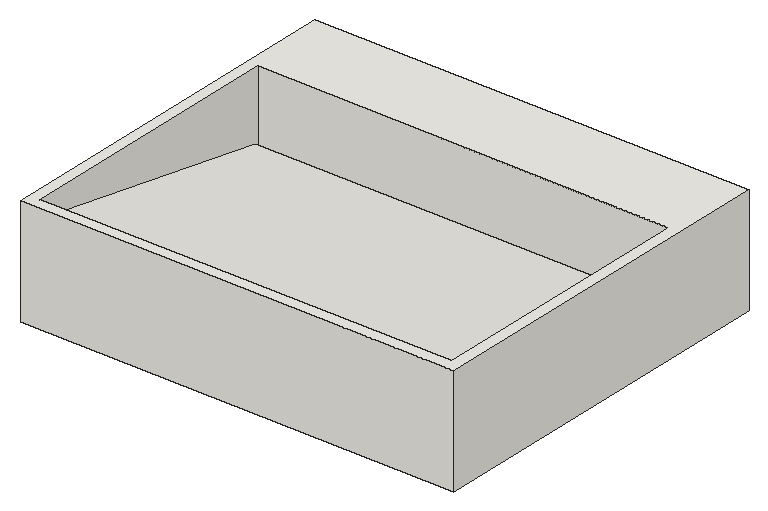
Revit family "TSL_US - TSLNANO - The Nano Sink", category Plumbing Fixtures, Revit 2021
Family settings
  Round Connector Dimension = Use Diameter
  Part Type = Normal
  Work Plane-Based = No
  Always vertical = Yes
  Cut with Voids When Loaded = No
  Shared = No
  Room Calculation Point = No
Parameters (values of type "TSL.NANO - White")
  URL = "https://thesplashlab.com/usa/product/the-nano-sink/"
  Type Image = <None>
  Type Comments = "THE NANO SINK"
  TSL Width = 1' - 8"  # constant formula
  TSL Show Faucet Location [instance] = yes
  TSL Mounting Height [instance] = 2' - 10"
  TSL Material 02 = TSL - Material - Stainless Steel
  TSL Material 01 = TSL - Material - Glacier White
  TSL Height = 0' - 5"  # constant formula
  TSL Depth = 1' - 5"  # constant formula
  TSL Connector Diameter = 0' - 1 1/4"
  Show P Trap [instance] = yes
  Mounting Height for Drain [instance] = TSL Mounting Height - 0' 0" - 0' 4 31/128"  # 2' - 5 97/128"
  Model = "TSL.NANO.WH"
  Manufacturer = "The Splash Lab"
  Keynote = "22 40 00.A7"
  Description = "A 20” wide compact wash basin constructed in solid surface with concealed waste and 1 1/4” waste connection. Includes steel supporting wall bracket."
  Default Elevation = 0' - 0"
  Assembly Code = "D2010400"
Reference planes (in)
  plane 1 "Center (Front/Back)": y = 0
  plane 2: z = 0
  plane 3 "Center (Left/Right)": x = 0
  plane 4: z = 34
  plane 5: x = -10
  plane 6: x = 10
  plane 7: y = -17
  plane 8: y = -3.94
  plane 9: y = -1.97
  plane 10: z = 29
  plane 11: z = 33.5
  plane 12: x = -9.5
  plane 13: y = -16.5
  plane 14: x = 9.5
  plane 15: y = -3.44
  plane 16: z = 30.00268
  plane 17: y = -4.10406
  plane 18: y = -4.02203
  plane 19: x = -9.125
  plane 20: x = 9.125
  plane 21: z = 31.00268
  plane 22: y = -16.375
  plane 23: z = 30.84247
Dimensions and locks (in)
  "TSL Mounting Height": plane 4 to plane 2
  equal spacing: plane 5, plane 3 "Center (Left/Right)", plane 6
  "TSL Width": plane 5 to plane 6
  "TSL Depth": plane 7 to plane 1 "Center (Front/Back)"
  locked: plane 8 to plane 1 "Center (Front/Back)" at 3.94
  locked: plane 9 to plane 1 "Center (Front/Back)" at 1.97
  "TSL Height": plane 4 to plane 10
  locked: plane 4 to plane 11 at 0.5
  locked: plane 7 to plane 13 at 0.5
  locked: plane 5 to plane 12 at 0.5
  locked: plane 14 to plane 6 at 0.5
  locked: plane 8 to plane 15 at 0.5
  locked: plane 10 to plane 16 at 1.00268
  locked: plane 17 to plane 8 at 0.16406
  locked: plane 5 to plane 19 at 0.875
  locked: plane 20 to plane 6 at 0.875
  equal spacing: plane 8, plane 18, plane 17
  locked: plane 13 to plane 22 at 0.125
  locked: plane 16 to plane 21 at 1
  locked: plane 4 to plane 23 at 3.15753
  aligned and locked: level to plane 2
  aligned and locked: plane 3 "Center (Left/Right)" to nested 1
  aligned and locked: plane 1 "Center (Front/Back)" to nested 1
Nested families (in)
  nested 1: "TSL_US - TSLNANO - The Nano Sink - Nest - Shared" at (0, 0, 0), TSL Show Faucet Location <- "TSL Show Faucet Location", TSL Mounting Height <- "TSL Mounting Height", TSL Material 02 <- "TSL Material 02", TSL Material 01 <- "TSL Material 01", TSL Connector Diameter <- "TSL Connector Diameter", Show P Trap <- "Show P Trap", TSL Width <- "TSL Width", TSL Height <- "TSL Height", TSL Depth <- "TSL Depth", type "Default"
    with TSL Width 1' - 8", TSL Show Soap Dispenser Location no, TSL Show Faucet Location yes, TSL Show Air Dryer Location no, TSL Mounting Height 2' - 10", TSL Material 02 TSL - Material - Stainless Steel, TSL Material 01 TSL - Material - Glacier White, TSL Height 0' - 5", TSL Depth 1' - 5", TSL Connector Diameter 0' - 1 1/4", Show P Trap yes, Mounting Height for Drain 2' - 5 97/128"
  nested 2: "TSL_US - TSLDRAIN - Drain - Nest" at (0, -4.02203, 0), type "Default"
    with TSL Connector Diameter 0' - 1 1/4", Pipe Radius 0' - 0 5/8", Mounting Height 2' - 5 97/128"
  nested 3: "TSL_US - TSLDRAIN - Trap - Straight - Nest" at (0, -4.02203, 0), type "Default"
    with TSL Connector Diameter 0' - 1 1/4", Pipe Radius 0' - 0 5/8", Mounting Height 2' - 5 97/128"
Definition of nested family "TSL_US - TSLNANO - The Nano Sink - Nest - Shared"
  Parameters (values of type "Default")
    URL = ""
    Type Image = (empty or 0)
    Type Comments = ""
    TSL Width [instance] = 2' - 6"
    TSL Show Soap Dispenser Location [instance] = yes
    TSL Show Faucet Location [instance] = yes
    TSL Show Air Dryer Location [instance] = yes
    TSL Mounting Height [instance] = 2' - 10"
    TSL Material 02 [instance] = none
    TSL Material 01 [instance] = none
    TSL Height [instance] = 0' - 5"
    TSL Depth [instance] = 1' - 8"
    TSL Connector Diameter [instance] = 0' - 1 1/4"
    Show P Trap [instance] = yes
    Mounting Height for Drain [instance] = TSL Mounting Height - 0' 0" - 0' 4 31/128"  # 2' - 5 97/128"
    Model = ""
    Manufacturer = ""
    Description = ""
    Default Elevation = 0' - 0"
  Reference planes (in)
    plane 1 "Center (Front/Back)": y = 0
    plane 2: z = 0
    plane 3 "Center (Left/Right)": x = 0
    plane 4: z = 34
    plane 5: x = -15
    plane 6: x = 15
    plane 7: y = -20
    plane 8: y = -3.94
    plane 9: y = -1.97
    plane 10: z = 29
    plane 11: z = 33.5
    plane 12: x = -14.5
    plane 13: y = -19.5
    plane 14: x = 14.5
    plane 15: y = -3.44
    plane 16: z = 30.00268
    plane 17: y = -4.10406
    plane 18: y = -4.02203
    plane 19: x = -14.125
    plane 20: x = 14.125
    plane 21: z = 30.84247
    plane 22: z = 30.36162
    plane 23: z = 33.20125
    plane 24: z = 32.69554
    plane 25: y = -4.10406
    plane 26: z = 30.53589
    plane 27: y = -5.25365
    plane 28: z = 29.75609
    plane 29: y = -2.61154
    plane 30: z = 30.13537
    plane 31: z = 31.00268
    plane 32: y = -19.375
    plane 33: z = 30.84247
  Forms (in)
    Extrusion 1, solid, material <- "TSL Material 01"
      sketch origin (0, 0, 0) x (1, 0, 0) y (0, 1, 0)
        loop
          line (-15, 0) -> (-15, -20) -> (15, -20) -> (15, 0) -> (-15, 0)
        loop
          line (-14.5, -3.94) -> (-14.5, -19.5) -> (14.5, -19.5) -> (14.5, -3.94) -> (-14.5, -3.94)
      from 33.5 to 34
    Extrusion 2, solid, material <- "TSL Material 01"
      sketch origin (0, 0, 0) x (1, 0, 0) y (0, 1, 0)
        loop
          line (-15, 0) -> (-15, -20) -> (15, -20) -> (15, 0) -> (14.5, 0) -> (14.5, -19.5) -> (-14.5, -19.5) -> (-14.5, 0) -> (-15, 0)
      from 29 to 33.5
    Extrusion 3, solid, material <- "TSL Material 01"
      sketch origin (0, 0, 0) x (0, 1, 0) y (0, 0, 1)
        loop
          line (-19.5, 32.69554) -> (-4.10406, 30.36162) -> (-3.44, 30.36162) -> (-3.44, 33.5) -> (-3.94, 33.5) -> (-3.94, 30.84247) -> (-19.5, 33.20125) -> (-19.5, 32.69554)
      from -14.5 to 14.5
    Extrusion 4, solid, material <- "TSL Material 01"
      sketch origin (0, 0, 0) x (0, 1, 0) y (0, 0, 1)
        loop
          line (-5.25365, 30.53589) -> (-5.25365, 29.75609) -> (-2.61154, 29.75609) -> (-2.61154, 30.13537) -> (-5.25365, 30.53589)
      from -14.5 to 14.5
    Extrusion 5, void
      sketch origin (0, 0, 0) x (0, 1, 0) y (0, 0, 1)
        loop
          line (-4.10406, 34) -> (-4.10406, 30.00268) -> (-3.94, 30.00268) -> (-3.94, 34) -> (-4.10406, 34)
      from -14.5 to 14.5
    Extrusion 6, solid, material <- "TSL Material 02"
      sketch origin (0, 0, 0) x (0, 1, 0) y (0, 0, 1)
        loop
          line (-19.5, 31.00268) -> (-19.5, 30.00268) -> (-19.375, 30.00268) -> (-19.375, 31.00268) -> (-19.5, 31.00268)
      from -14.5 to 14.5
  Cuts and joins
    Extrusion 5 cuts Extrusion 3
    joined: Extrusion 1, Extrusion 2, Extrusion 3
    Extrusion 5 cuts Extrusion 4
  Lines and regions (in)
    symbolic lines
      curve 1: line (-14.5, 0, 34) -> (-14.5, 0, 30.84247)
      curve 2: line (-14.5, 0, 30.84247) -> (14.5, 0, 30.84247)
      curve 3: line (14.5, 0, 30.84247) -> (14.5, 0, 34)
      curve 4: line (0, -19.5, 34) -> (0, -19.5, 33.20125)
      curve 5: line (0, -19.5, 33.20125) -> (0, -3.94, 30.84247)
      curve 6: line (0, -3.94, 30.84247) -> (0, -3.94, 34)
  Dimensions and locks (in)
    "TSL Mounting Height": plane 4 to plane 2
    equal spacing: plane 5, plane 3 "Center (Left/Right)", plane 6
    "TSL Width": plane 5 to plane 6
    "TSL Depth": plane 7 to plane 1 "Center (Front/Back)"
    locked: plane 8 to plane 1 "Center (Front/Back)" at 3.94
    locked: plane 9 to plane 1 "Center (Front/Back)" at 1.97
    "TSL Height": plane 4 to plane 10
    locked: plane 4 to plane 11 at 0.5
    locked: plane 7 to plane 13 at 0.5
    locked: plane 5 to plane 12 at 0.5
    locked: plane 14 to plane 6 at 0.5
    locked: plane 8 to plane 15 at 0.5
    locked: plane 10 to plane 16 at 1.00268
    locked: plane 17 to plane 8 at 0.16406
    locked: plane 5 to plane 19 at 0.875
    locked: plane 20 to plane 6 at 0.875
    locked: plane 4 to plane 21 at 3.15753
    locked: plane 21 to plane 22 at 0.48084
    locked: plane 4 to plane 23 at 0.79875
    locked: plane 24 to plane 23 at 0.50571
    locked: plane 25 to plane 1 "Center (Front/Back)" at 4.10406
    locked: plane 29 to plane 1 "Center (Front/Back)" at 2.61154
    locked: plane 27 to plane 1 "Center (Front/Back)" at 5.25365
    locked: plane 4 to plane 26 at 3.46411
    locked: plane 28 to plane 26 at 0.7798
    locked: plane 4 to plane 30 at 3.86463
    equal spacing: plane 8, plane 18, plane 17
    locked: plane 13 to plane 32 at 0.125
    locked: plane 16 to plane 31 at 1
    locked: plane 4 to plane 33 at 3.15753
    aligned and locked: level to plane 2
    aligned and locked: plane 1 "Center (Front/Back)" to Extrusion 1 sketch curve
    aligned and locked: plane 5 to Extrusion 1 sketch curve
    aligned and locked: Extrusion 1 sketch curve to plane 7
    aligned and locked: plane 6 to Extrusion 1 sketch curve
    aligned and locked: plane 8 to Extrusion 1 sketch curve
    aligned and locked: plane 4 to Extrusion 1
    aligned and locked: plane 11 to Extrusion 1
    aligned and locked: Extrusion 2 sketch curve to plane 12
    aligned and locked: Extrusion 2 sketch curve to plane 13
    aligned and locked: Extrusion 2 sketch curve to plane 14
    aligned and locked: plane 1 "Center (Front/Back)" to Extrusion 2 sketch curve  (x2)
    aligned and locked: plane 5 to Extrusion 2 sketch curve
    aligned and locked: plane 6 to Extrusion 2 sketch curve
    aligned and locked: Extrusion 2 sketch curve to plane 7
    aligned and locked: Extrusion 2 to plane 11
    aligned and locked: plane 10 to Extrusion 2
    aligned and locked: Extrusion 3 sketch curve to plane 8
    aligned and locked: Extrusion 3 sketch curve to plane 15
    aligned and locked: Extrusion 3 sketch curve to plane 11
    aligned and locked: Extrusion 5 sketch curve to plane 16
    aligned and locked: Extrusion 5 sketch curve to plane 4
    aligned and locked: plane 17 to Extrusion 5 sketch curve
    aligned and locked: plane 8 to Extrusion 5 sketch curve
    aligned and locked: cut or joined group of Extrusion 4, Extrusion 5 to plane 12
    aligned and locked: plane 14 to cut or joined group of Extrusion 4, Extrusion 5
    aligned and locked: plane 12 to Extrusion 1 sketch curve
    aligned and locked: Extrusion 1 sketch curve to plane 14
    aligned and locked: plane 3 "Center (Left/Right)" to nested 2
    aligned and locked: plane 3 "Center (Left/Right)" to nested 1
    aligned and locked: nested 1 to plane 18
    aligned and locked: plane 9 to nested 2
    aligned and locked: nested 3 to plane 19
    aligned and locked: nested 4 to plane 20
    aligned and locked: plane 1 "Center (Front/Back)" to nested 4
    aligned and locked: plane 1 "Center (Front/Back)" to nested 3
    aligned and locked: plane 13 to Extrusion 1 sketch curve
    aligned and locked: plane 13 to Extrusion 3 sketch curve
    aligned and locked: plane 21 to Extrusion 3 sketch curve
    aligned and locked: Extrusion 3 sketch curve to plane 22
    aligned and locked: plane 23 to Extrusion 3 sketch curve
    aligned and locked: plane 24 to Extrusion 3 sketch curve
    aligned and locked: plane 25 to Extrusion 3 sketch curve
    aligned and locked: Extrusion 4 sketch curve to plane 27
    aligned and locked: plane 26 to Extrusion 4 sketch curve
    aligned and locked: Extrusion 4 sketch curve to plane 28
    aligned and locked: Extrusion 4 sketch curve to plane 29
    aligned and locked: plane 30 to Extrusion 4 sketch curve
    aligned and locked: Extrusion 6 sketch curve to plane 16
    aligned and locked: Extrusion 6 sketch curve to plane 31
    aligned and locked: plane 13 to Extrusion 6 sketch curve
    aligned and locked: Extrusion 6 sketch curve to plane 32
    aligned and locked: Extrusion 6 to plane 12
    aligned and locked: plane 14 to Extrusion 6
    aligned and locked: cut or joined group of Extrusion 1, Extrusion 2, Extrusion 3, Extrusion 5 to plane 12
    aligned and locked: plane 14 to cut or joined group of Extrusion 1, Extrusion 2, Extrusion 3, Extrusion 5
    aligned and locked: plane 3 "Center (Left/Right)" to nested 5
    aligned and locked: plane 9 to nested 5
    aligned and locked: plane 3 "Center (Left/Right)" to nested 6
    aligned and locked: plane 9 to nested 6
    aligned and locked: plane 14 to curve 3
    aligned and locked: curve 1 to plane 12
    aligned and locked: plane 33 to curve 2
    aligned and locked: curve 4 to plane 13
    aligned and locked: curve 6 to plane 8
  Automatic sketch dimensions
    curve 3 to plane 4 = 0' - 0"
    curve 1 to plane 4 = 0' - 0"
    plane 33 to curve 5 = 0' - 0"
    curve 6 to plane 4 = 0' - 0"
    curve 4 to plane 4 = 0' - 0"
    plane 11 to curve 5 = 0' - 0.29875"
  Nested families (in)
    nested 1: "TSL_US - TSLDRAIN - Drain - Nest" at (0, -4.02203, 0), Mounting Height <- "Mounting Height for Drain", TSL Connector Diameter <- "TSL Connector Diameter", type "Default"
      with TSL Connector Diameter 0' - 1 1/4", Pipe Radius 0' - 0 5/8", Mounting Height 2' - 5 97/128"
    nested 2: "TSL - TSLNANOR - The Ribbon Sink - Faucet Hole - Nest" at (0, -1.97, 0), visible <- "TSL Show Faucet Location", type "Default"
    nested 3: "TSL - TSLNANOR - The Ribbon Sink - Support - Nest" at (-14.125, 0, 0), Mounting Height <- "TSL Mounting Height", type "Default"
      with Mounting Height 2' - 10"
    nested 4: "TSL - TSLNANOR - The Ribbon Sink - Support - Nest" at (14.125, 0, 0), Mounting Height <- "TSL Mounting Height", type "Default"
      with Mounting Height 2' - 10"
    nested 5: "TSL - TSLNANOR - The Ribbon Sink - Soap Dispenser Hole - Nest" at (0, -1.97, 0), visible <- "TSL Show Soap Dispenser Location", type "Default"
    nested 6: "TSL - TSLNANOR - The Ribbon Sink - Air Dryer Hole - Nest" at (0, -1.97, 0), visible <- "TSL Show Air Dryer Location", type "Default"
    nested 7: "TSL_US - TSLDRAIN - Trap - Straight - Nest" at (0, -4.02203, 0), Mounting Height <- "Mounting Height for Drain", TSL Connector Diameter <- "TSL Connector Diameter", visible <- "Show P Trap", type "Default"
      with TSL Connector Diameter 0' - 1 1/4", Pipe Radius 0' - 0 5/8", Mounting Height 2' - 5 97/128"
  Definition of nested family "TSL_US - TSLDRAIN - Drain - Nest"
    Parameters (values of type "Default")
      URL = ""
      Type Image = (empty or 0)
      Type Comments = ""
      TSL Material 03 = none
      TSL Material 02 = none
      TSL Connector Diameter [instance] = 0' - 1 1/4"
      Pipe Radius [instance] = TSL Connector Diameter / 2  # 0' - 0 5/8"
      Mounting Height [instance] = 2' - 10"
      Model = ""
      Manufacturer = ""
      Description = ""
      Default Elevation = 0' - 0"
    Reference planes (in)
      plane 1 "Center (Front/Back)": y = 0
      plane 2: z = 0
      plane 3 "Center (Left/Right)": x = 0
      plane 4: z = 34
      plane 5: z = 33.52756
      plane 6: z = 33.31102
    Forms (in)
      Extrusion 1, solid, material <- "TSL Material 02"
        sketch origin (0, 0, 0) x (1, 0, 0) y (0, 1, 0)
          loop
            line (3.17171, 1.14173) -> (-3.1275, 1.14173)
            arc (-3.1275, 1.14173) -> (-3.9093, 0.79353) -> (-4.22986, 0) r 1.14244
            arc (-4.22986, 0) -> (-3.9093, -0.79353) -> (-3.1275, -1.14173) r 1.14244
            line (-3.1275, -1.14173) -> (3.17171, -1.14173)
            arc (3.17171, -1.14173) -> (3.95351, -0.79353) -> (4.27407, 0) r 1.14244
            arc (4.27407, 0) -> (3.95351, 0.79353) -> (3.17171, 1.14173) r 1.14244
        from 33.52756 to 34
      Extrusion 2, solid, material <- "TSL Material 02"
        sketch origin (0, 0, 0) x (1, 0, 0) y (0, 1, 0)
          loop
            arc (-2.34252, 1.12402) -> (-3.46457, 0.00197) -> (-2.34252, -1.12008) r 1.12205
            line (-2.34252, -1.12008) -> (2.34252, -1.12008)
            arc (2.34252, -1.12008) -> (3.46457, 0.00197) -> (2.34252, 1.12402) r 1.12205
            line (2.34252, 1.12402) -> (-2.34252, 1.12402)
        from 33.31102 to 33.52756
      Extrusion 3, solid, material <- "TSL Material 02"
        sketch origin (0, -4.02693, 37.59245) x (1, 0, 0) y (0, 0, 1)
          loop
            arc (-2.64868, -4.28143) -> (-2.6025, -4.3734) -> (-2.53187, -4.44825) r 0.35494
            arc (-2.53187, -4.44825) -> (-2.42036, -4.5351) -> (-2.29805, -4.60596) r 1.03504
            arc (-2.29805, -4.60596) -> (-2.10154, -4.70231) -> (-1.89986, -4.78731) r 3.83802
            line (-1.89986, -4.78731) -> (-1.36673, -4.99429)
            arc (-1.36673, -4.99429) -> (-1.11597, -5.10775) -> (-0.87907, -5.24786) r 2.52194
            arc (-0.87907, -5.24786) -> (-0.82943, -5.29051) -> (-0.79147, -5.34382) r 0.27091
            arc (-0.79147, -5.34382) -> (-0.78526, -5.36159) -> (-0.78501, -5.38042) r 0.05851
            line (-0.78501, -5.38042) -> (-0.78501, -5.42344) -> (0.78501, -5.42344) -> (0.78501, -5.38042)
            arc (0.78501, -5.38042) -> (0.78526, -5.36159) -> (0.79147, -5.34382) r 0.05851
            arc (0.79147, -5.34382) -> (0.82943, -5.29051) -> (0.87907, -5.24786) r 0.27091
            arc (0.87907, -5.24786) -> (1.11597, -5.10775) -> (1.36673, -4.99429) r 2.52194
            line (1.36673, -4.99429) -> (1.89986, -4.78731)
            arc (1.89986, -4.78731) -> (2.10154, -4.70231) -> (2.29805, -4.60596) r 3.83802
            arc (2.29805, -4.60596) -> (2.42036, -4.5351) -> (2.53187, -4.44825) r 1.03504
            arc (2.53187, -4.44825) -> (2.6025, -4.3734) -> (2.64868, -4.28143) r 0.35494
            line (2.64868, -4.28143) -> (-2.64868, -4.28143)
        from -4.35345 to -3.70437
      Extrusion 4, solid, material <- "TSL Material 02"
        sketch origin (0, 0, 0) x (1, 0, 0) y (0, 0, 1)
          loop
            arc (-3.33337, 33.31102) -> (-3.27209, 33.30124) -> (-3.21691, 33.27287) r 0.19685
            arc (-3.21691, 33.27287) -> (-2.52143, 32.89597) -> (-1.75011, 32.72047) r 2.90753
            line (-1.75011, 32.72047) -> (-1.70852, 32.71683)
            arc (-1.70852, 32.71683) -> (-1.59336, 32.69549) -> (-1.48439, 32.65257) r 0.61097
            line (-1.48439, 32.65257) -> (1.48439, 32.65257)
            arc (1.48439, 32.65257) -> (1.59336, 32.69549) -> (1.70852, 32.71683) r 0.61097
            line (1.70852, 32.71683) -> (1.75011, 32.72047)
            arc (1.75011, 32.72047) -> (2.52143, 32.89597) -> (3.21691, 33.27287) r 2.90753
            arc (3.21691, 33.27287) -> (3.27209, 33.30124) -> (3.33337, 33.31102) r 0.19685
            line (3.33337, 33.31102) -> (-3.33337, 33.31102)
        from -0.03631 to 0.0366
      Revolve 5, solid, material <- "TSL Material 02"
        sketch origin (0, 0, 0) x (0, 1, 0) y (0, 0, 1)
          loop
            arc (-0.7219, 32.12504) -> (-0.73742, 32.08681) -> (-0.77382, 32.06738) r 0.06058
            line (-0.77382, 32.06738) -> (0, 32.06738) -> (0, 32.8936) -> (-0.05442, 32.8936)
            arc (-0.05442, 32.8936) -> (-0.35689, 32.8083) -> (-0.57021, 32.57753) r 0.57888
            line (-0.57021, 32.57753) -> (-0.66745, 32.38668)
            arc (-0.66745, 32.38668) -> (-0.70563, 32.25814) -> (-0.7219, 32.12504) r 0.80316
          axis (0, 32.8936) -> (0, 32.06738)
        angle from 0 to 360
      Revolve 6, solid, material <- "TSL Material 02"
        sketch origin (0, 0, 0.07168) x (1, 0, 0) y (0, 0, 1)
          loop
            line (-0.95691, 31.95978) -> (-0.88151, 31.91628) -> (-0.95422, 31.87285) -> (-0.8788, 31.82934) -> (-0.9515, 31.78591) -> (-0.87608, 31.7424) -> (-0.94879, 31.69896) -> (-0.87336, 31.65545) -> (-0.94607, 31.61202) -> (-0.87065, 31.5685) -> (-0.94336, 31.52507) -> (-0.86784, 31.4815) -> (-0.94068, 31.43948) -> (0, 31.43948) -> (0, 31.9957) -> (-0.89709, 31.9957) -> (-0.95691, 31.95978)
          axis (0, 31.9957) -> (0, 31.43948)
        angle from 0 to 360
    Cuts and joins
      joined: Extrusion 1, Extrusion 2, Extrusion 3, Extrusion 4, Revolve 5, Revolve 6
    Lines and regions (in)
      symbolic lines
        curve 1: circle (0, 0, 0) r 0.75 normal (0, 0, 1)
      model lines
        curve 2: line (0, 0, 0) -> (0, 0, 48)
    Dimensions and locks (in)
      "Mounting Height": plane 4 to plane 2
      locked: plane 4 to plane 5 at 0.47244
      locked: plane 5 to plane 6 at 0.21654
      aligned and locked: level to plane 2
      aligned and locked: plane 4 to Extrusion 1
      aligned and locked: plane 5 to Extrusion 1
      aligned and locked: Extrusion 2 to plane 5
      aligned and locked: Extrusion 2 to plane 6
    Automatic sketch dimensions
      curve 2 to plane 3 "Center (Left/Right)" = 0' - 0"
      curve 2 to level = 0' - 0"
      plane 4 to curve 2 = 1' - 2"
      plane 1 "Center (Front/Back)" to curve 1 = 0' - 0"
      curve 1 to plane 3 "Center (Left/Right)" = 0' - 0"
      Extrusion 1 sketch curve to Extrusion 1 sketch curve = 0' - 0"  (x2)
      plane 1 "Center (Front/Back)" to Extrusion 1 sketch curve = 0' - 0"  (x2)
      Extrusion 2 sketch curve to plane 1 "Center (Front/Back)" = 0' - 0.00197"
      Extrusion 3 sketch curve to plane 6 = 0' - 0"
      plane 5 to Extrusion 3 sketch curve = 0' - 0.10492"  (x2)
      Extrusion 3 sketch curve to plane 6 = 0' - 0.50588"
      Extrusion 3 sketch curve to Extrusion 3 sketch curve = 0' - 0.41189"
      Extrusion 3 sketch curve to plane 4 = 0' - 0.08456"  (x2)
      Extrusion 3 sketch curve to Extrusion 3 sketch curve = 0' - 0.47017"
      Extrusion 3 sketch curve to plane 6 = 0' - 0.71285"  (x2)
      Extrusion 3 sketch curve to Extrusion 3 sketch curve = 0' - 0.53313"  (x2)
      Extrusion 3 sketch curve to Extrusion 3 sketch curve = 0' - 0.33722"  (x2)
      Extrusion 3 sketch curve to Extrusion 3 sketch curve = 0' - 0.18663"  (x2)
      Extrusion 3 sketch curve to Extrusion 3 sketch curve = 0' - 0.05786"  (x2)
      Extrusion 3 sketch curve to plane 3 "Center (Left/Right)" = 0' - 0.51082"
      plane 3 "Center (Left/Right)" to Extrusion 3 sketch curve = 0' - 0.51082"
      plane 3 "Center (Left/Right)" to Extrusion 3 sketch curve = 0' - 0.78501"
      Extrusion 3 sketch curve to Extrusion 3 sketch curve = 0' - 0.37747"  (x2)
      Extrusion 3 sketch curve to Extrusion 3 sketch curve = 0' - 0.00867"  (x2)
      Extrusion 3 sketch curve to Extrusion 3 sketch curve = 0' - 0.04303"
      Extrusion 3 sketch curve to Extrusion 3 sketch curve = 0' - 0.10141"  (x2)
      Extrusion 3 sketch curve to Extrusion 3 sketch curve = 0' - 1.8721"  (x2)
      Extrusion 3 sketch curve to Extrusion 3 sketch curve = 0' - 0.20698"
      plane 4 to Extrusion 3 sketch curve = 0' - 2.38299"
      Extrusion 3 sketch curve to Extrusion 3 sketch curve = 0' - 0"  (x3)
      Extrusion 3 sketch curve to Extrusion 3 sketch curve = 0' - 0.11681"
      Extrusion 3 sketch curve to plane 6 = 0' - 0.32453"
      Extrusion 4 sketch curve to plane 6 = 0' - 0"  (x2)
      plane 3 "Center (Left/Right)" to Extrusion 4 sketch curve = 0' - 3.33337"
      Extrusion 4 sketch curve to Extrusion 4 sketch curve = 0' - 0.22412"  (x2)
      Extrusion 4 sketch curve to Extrusion 4 sketch curve = 0' - 0.0416"  (x2)
      Extrusion 4 sketch curve to Extrusion 4 sketch curve = 0' - 0.27737"
      Extrusion 4 sketch curve to Extrusion 4 sketch curve = 0' - 0.05325"
      Extrusion 4 sketch curve to plane 6 = 0' - 0.19685"  (x2)
      Extrusion 4 sketch curve to plane 6 = 0' - 0.59055"  (x2)
      Extrusion 4 sketch curve to Extrusion 4 sketch curve = 0' - 0.00364"  (x2)
      Extrusion 4 sketch curve to Extrusion 4 sketch curve = 0' - 0.06427"
      plane 4 to Extrusion 4 sketch curve = 0' - 1.61694"  (x2)
      Revolve 5 sketch curve to plane 1 "Center (Front/Back)" = 0' - 0"  (x2)
      Revolve 5 sketch curve to Revolve 5 sketch curve = 0' - 0.09724"
      Revolve 5 sketch curve to Revolve 5 sketch curve = 0' - 0.10637"
      Revolve 5 sketch curve to Revolve 5 sketch curve = 0' - 0.00862"
      Revolve 5 sketch curve to plane 6 = 0' - 1.24364"
      Revolve 5 sketch curve to Revolve 5 sketch curve = 0' - 0.02712"
      Revolve 5 sketch curve to Revolve 5 sketch curve = 0' - 0.05996"
      Revolve 5 sketch curve to Revolve 5 sketch curve = 0' - 0.24734"
      Revolve 5 sketch curve to Revolve 5 sketch curve = 0' - 0.26164"
      Revolve 5 sketch curve to Revolve 5 sketch curve = 0' - 0.19084"
      Revolve 5 sketch curve to Revolve 5 sketch curve = 0' - 1.42433"
      plane 4 to Revolve 5 sketch curve = 0' - 0 1/2"
      Revolve 6 sketch curve to plane 3 "Center (Left/Right)" = 0' - 0"  (x2)
      Revolve 6 sketch curve to plane 3 "Center (Left/Right)" = 0' - 0.86784"
      Revolve 6 sketch curve to Revolve 6 sketch curve = 0' - 0.00281"
      Revolve 6 sketch curve to Revolve 6 sketch curve = 0' - 0.00272"  (x3)
      Revolve 6 sketch curve to Revolve 6 sketch curve = 0' - 0.00271"
      Revolve 6 sketch curve to Revolve 6 sketch curve = 0' - 0.01557"
      Revolve 6 sketch curve to Revolve 6 sketch curve = 0' - 0.07285"
      Revolve 6 sketch curve to Revolve 6 sketch curve = 0' - 0.07271"  (x5)
      Revolve 6 sketch curve to Revolve 6 sketch curve = 0' - 0.05983"
      Revolve 6 sketch curve to plane 6 = 0' - 1.79987"
      Revolve 6 sketch curve to Revolve 6 sketch curve = 0' - 0.04203"
      Revolve 6 sketch curve to Revolve 6 sketch curve = 0' - 0.0856"
      Revolve 6 sketch curve to Revolve 6 sketch curve = 0' - 0.04343"  (x5)
      Revolve 6 sketch curve to Revolve 6 sketch curve = 0' - 0.08694"  (x2)
      Revolve 6 sketch curve to Revolve 6 sketch curve = 0' - 0.08695"  (x2)
      Revolve 6 sketch curve to Revolve 6 sketch curve = 0' - 0.08693"
      Revolve 6 sketch curve to Revolve 6 sketch curve = 0' - 0.55623"
      Revolve 6 sketch curve to Revolve 6 sketch curve = 0' - 0.20252"
      Revolve 6 sketch curve to Revolve 6 sketch curve = 0' - 0.18143"
      plane 3 "Center (Left/Right)" to Extrusion 1 sketch curve = 0' - 3.13164"
      Extrusion 1 sketch curve to Extrusion 1 sketch curve = 0' - 0.04007"  (x3)
      plane 3 "Center (Left/Right)" to Extrusion 2 sketch curve = 0' - 2.34252"
      Extrusion 3 sketch curve to Extrusion 3 sketch curve = 0' - 0.45648"
      Extrusion 3 sketch curve to Extrusion 3 sketch curve = 0' - 1.24995"  (x2)
      Extrusion 3 sketch curve to Extrusion 3 sketch curve = 0' - 0.01369"
      Extrusion 3 sketch curve to Extrusion 3 sketch curve = 0' - 0.33693"  (x2)
      plane 3 "Center (Left/Right)" to Extrusion 4 sketch curve = 0' - 1 31/64"
      plane 3 "Center (Left/Right)" to Extrusion 4 sketch curve = 0' - 1.4967"
      Extrusion 4 sketch curve to Extrusion 4 sketch curve = 0' - 0"
      Extrusion 1 sketch curve to plane 3 "Center (Left/Right)" = 0' - 3.08743"
      Extrusion 2 sketch curve to plane 3 "Center (Left/Right)" = 0' - 2.34252"
      Extrusion 3 sketch curve to plane 3 "Center (Left/Right)" = 0' - 0.78501"
      Extrusion 4 sketch curve to plane 3 "Center (Left/Right)" = 0' - 1 31/64"
      Extrusion 4 sketch curve to plane 3 "Center (Left/Right)" = 0' - 1.4967"
      Extrusion 4 sketch curve to Extrusion 4 sketch curve = 0' - 1.58326"
      Revolve 5 sketch curve to plane 1 "Center (Front/Back)" = 0' - 0.08068"
      plane 1 "Center (Front/Back)" to Extrusion 1 sketch curve = 0' - 1.14173"
      plane 1 "Center (Front/Back)" to Extrusion 2 sketch curve = 0' - 1.12008"
      plane 1 "Center (Front/Back)" to Revolve 5 sketch curve = 0' - 0.05442"
      plane 1 "Center (Front/Back)" to Revolve 5 sketch curve = 0' - 0.57021"
      radius of curve 1 = 0' - 0 3/4"
  Definition of nested family "TSL - TSLNANOR - The Ribbon Sink - Support - Nest"
    Parameters (values of type "Default")
      URL = ""
      Type Image = (empty or 0)
      Type Comments = ""
      TSL Material 02 = none
      TSL Depth = 1' - 8"
      Mounting Height [instance] = 2' - 10"
      Model = ""
      Manufacturer = ""
      Description = ""
      Default Elevation = 0' - 0"
    Reference planes (in)
      plane 1 "Center (Front/Back)": y = 0
      plane 2: z = 0
      plane 3 "Center (Left/Right)": x = 0
      plane 4: z = 34
      plane 5: y = -20
      plane 6: y = -0.25
      plane 7: z = 30
      plane 8: z = 29
      plane 9: y = -19.5
      plane 10: x = -0.375
      plane 11: x = 0.375
      plane 12: y = -3.01032
      plane 13: z = 33.5
    Forms (in)
      Extrusion 1, solid, material <- "TSL Material 02"
        sketch origin (0, 0, 0) x (1, 0, 0) y (0, 0, 1)
          loop
            line (-0.375, 33.5) -> (-0.375, 29) -> (0.375, 29) -> (0.375, 33.5) -> (-0.375, 33.5)
        from 0 to 0.25
      Extrusion 2, solid, material <- "TSL Material 02"
        sketch origin (0, 0, 0) x (1, 0, 0) y (0, 1, 0)
          loop
            line (-0.375, -0.25) -> (-0.375, -19.5) -> (0.375, -19.5) -> (0.375, -0.25) -> (-0.375, -0.25)
        from 29 to 30
    Cuts and joins
      joined: Extrusion 1, Extrusion 2
    Lines and regions (in)
      symbolic lines
        curve 1: line (-0.375, 0, 0) -> (0.375, 0, 0)
        curve 2: line (-0.375, -0.25, 0) -> (-0.375, 0, 0)
        curve 3: line (0.375, -0.25, 0) -> (-0.375, -0.25, 0)
        curve 4: line (0.375, 0, 0) -> (0.375, -0.25, 0)
        curve 5: line (-0.375, -0.25, 0) -> (-0.375, -19.5, 0)
        curve 6: line (-0.375, -19.5, 0) -> (0.375, -19.5, 0)
        curve 7: line (0.375, -19.5, 0) -> (0.375, -0.25, 0)
      model lines
        curve 8: line (0, 0, 0) -> (0, 0, 48)
    Dimensions and locks (in)
      "Mounting Height": plane 4 to plane 2
      "TSL Depth": plane 5 to plane 1 "Center (Front/Back)"
      locked: plane 6 to plane 1 "Center (Front/Back)" at 0.25
      locked: plane 4 to plane 7 at 4
      locked: plane 8 to plane 7 at 1
      locked: plane 5 to plane 9 at 0.5
      equal spacing: plane 10, plane 3 "Center (Left/Right)", plane 11
      locked: plane 4 to plane 13 at 0.5
      locked: plane 10 to plane 11 at 0.75
      aligned and locked: level to plane 2
      aligned and locked: Extrusion 2 sketch curve to plane 9
      aligned and locked: plane 10 to Extrusion 2 sketch curve
      aligned and locked: plane 11 to Extrusion 2 sketch curve
      aligned and locked: Extrusion 2 sketch curve to plane 6
      aligned and locked: plane 8 to Extrusion 2
      aligned and locked: Extrusion 2 to plane 7
      aligned and locked: plane 1 "Center (Front/Back)" to curve 1
      aligned and locked: plane 6 to curve 5
      aligned and locked: plane 6 to curve 7
      aligned and locked: curve 7 to plane 11
      aligned and locked: curve 5 to plane 10
      aligned and locked: plane 9 to curve 6
      aligned and locked: Extrusion 1 to plane 11
      aligned and locked: Extrusion 1 to plane 10
      aligned and locked: plane 10 to curve 2
      aligned and locked: plane 11 to curve 4
    Automatic sketch dimensions
      curve 8 to plane 3 "Center (Left/Right)" = 0' - 0"
      curve 8 to level = 0' - 0"
      plane 4 to curve 8 = 1' - 2"
      Extrusion 1 sketch curve to plane 13 = 0' - 0"
      plane 8 to Extrusion 1 sketch curve = 0' - 0"
      plane 11 to Extrusion 1 sketch curve = 0' - 0"
      Extrusion 1 sketch curve to plane 10 = 0' - 0"
  Definition of nested family "TSL_US - TSLDRAIN - Trap - Straight - Nest"
    Parameters (values of type "Default")
      URL = ""
      Type Image = (empty or 0)
      Type Comments = ""
      TSL Material 03 = none
      TSL Material 02 = none
      TSL Connector Diameter [instance] = 0' - 1 1/4"
      Pipe Radius [instance] = TSL Connector Diameter / 2  # 0' - 0 5/8"
      Mounting Height [instance] = 2' - 10"
      Model = ""
      Manufacturer = ""
      Description = ""
      Default Elevation = 0' - 0"
    Reference planes (in)
      plane 1 "Center (Front/Back)": y = 0
      plane 2: z = 0
      plane 3 "Center (Left/Right)": x = 0
      plane 4: z = 34
      plane 5: z = 33.52756
      plane 6: z = 33.31102
    Forms (in)
      Sweep 1, solid, material <- "TSL Material 03"
        path origin (0, 0, 0) x (0, 1, 0) y (0, 0, 1)
          loop
            line (0, 31.51115) -> (0, 30.28732)
            arc (0, 30.28732) -> (0.44971, 29.18542) -> (1.542, 28.71286) r 1.5748
            line (1.542, 28.71286) -> (4.52883, 28.65063)
        profile origin (0, 0, 30.89924) x (1, 0, 0) y (0, 1, 0)
          loop
            circle (0, 0) r 0.625
    Lines and regions (in)
      symbolic lines
        curve 1: circle (0, 0, 0) r 0.75 normal (0, 0, 1)
    Dimensions and locks (in)
      "Mounting Height": plane 4 to plane 2
      locked: plane 4 to plane 5 at 0.47244
      locked: plane 5 to plane 6 at 0.21654
      "Pipe Radius": radius of Sweep 1 sketch curve
      aligned and locked: level to plane 2
    Automatic sketch dimensions
      plane 1 "Center (Front/Back)" to curve 1 = 0' - 0"
      curve 1 to plane 3 "Center (Left/Right)" = 0' - 0"
      Sweep 1 sketch curve to plane 1 "Center (Front/Back)" = 0' - 0"
      Sweep 1 sketch curve to plane 1 "Center (Front/Back)" = 0' - 1.542"
      Sweep 1 sketch curve to plane 1 "Center (Front/Back)" = 0' - 1.5748"
      Sweep 1 sketch curve to plane 6 = 0' - 4.59816"
      Sweep 1 sketch curve to plane 6 = 0' - 4.66039"
      Sweep 1 sketch curve to Sweep 1 sketch curve = 0' - 1.22383"
      Sweep 1 sketch curve to Sweep 1 sketch curve = 0' - 2.98683"
      Sweep 1 sketch curve to plane 3 "Center (Left/Right)" = 0' - 0"
      profile plane to Sweep 1 sketch curve = 0' - 0"
      radius of curve 1 = 0' - 0 3/4"
    Connectors (in)
      piping at (0, 4.52883, 28.65063), diameter 1.25, driven by "TSL Connector Diameter"
        settings: on Sweep 1, index 1, connector inside diameter 24", connector length 0' - 0", flow factor 0, pipe flow 0 GPM, pressure drop 0.00 psi, fitting loss kfactor 0, connector angle 0.00°, fixture units 0, engagement length 0' - 0", angle of deflection 0.00°, flow configuration 3, flow direction 2, fitting loss method 0, system type 16, joint type 0, gender type 0, connector reference index -1, connector utility 0, adjustable connector no, is connector primary yes, connector description "Sink waste water"
  Definition of nested family "TSL - TSLNANOR - The Ribbon Sink - Faucet Hole - Nest"
    Parameters (values of type "Default")
      URL = ""
      Type Image = (empty or 0)
      Type Comments = ""
      Model = ""
      Manufacturer = ""
      Description = ""
      Default Elevation = 0' - 0"
    Reference planes (in)
      plane 1 "Center (Front/Back)": y = 0
      plane 2: z = 0
      plane 3 "Center (Left/Right)": x = 0
    Lines and regions (in)
      model lines
        curve 1: line (0, 0, 0) -> (0, 0, 48)
      symbolic lines
        curve 2: line (0, 0.34375, 0) -> (0, -0.34375, 0)
        curve 3: line (-0.34375, 0, 0) -> (0.34375, 0, 0)
    Dimensions and locks (in)
      aligned and locked: level to plane 2
  Definition of nested family "TSL - TSLNANOR - The Ribbon Sink - Soap Dispenser Hole - Nest"
    Parameters (values of type "Default")
      URL = ""
      Type Image = (empty or 0)
      Type Comments = ""
      Model = ""
      Manufacturer = ""
      Description = ""
      Default Elevation = 0' - 0"
    Reference planes (in)
      plane 1 "Center (Front/Back)": y = 0
      plane 2: z = 0
      plane 3 "Center (Left/Right)": x = 0
    Lines and regions (in)
      model lines
        curve 1: line (0, 0, 0) -> (0, 0, 48)
      symbolic lines
        curve 2: line (-7.87, 0.34375, 0) -> (-7.87, -0.34375, 0)
        curve 3: line (-8.21375, 0, 0) -> (-7.52625, 0, 0)
    Dimensions and locks (in)
      aligned and locked: level to plane 2
  Definition of nested family "TSL - TSLNANOR - The Ribbon Sink - Air Dryer Hole - Nest"
    Parameters (values of type "Default")
      URL = ""
      Type Image = (empty or 0)
      Type Comments = ""
      Model = ""
      Manufacturer = ""
      Description = ""
      Default Elevation = 0' - 0"
    Reference planes (in)
      plane 1 "Center (Front/Back)": y = 0
      plane 2: z = 0
      plane 3 "Center (Left/Right)": x = 0
    Lines and regions (in)
      model lines
        curve 1: line (0, 0, 0) -> (0, 0, 48)
      symbolic lines
        curve 2: line (7.87, 0.34375, 0) -> (7.87, -0.34375, 0)
        curve 3: line (7.52625, 0, 0) -> (8.21375, 0, 0)
    Dimensions and locks (in)
      aligned and locked: level to plane 2
Definition of nested family "TSL_US - TSLDRAIN - Drain - Nest"
  Parameters (values of type "Default")
    URL = ""
    Type Image = (empty or 0)
    Type Comments = ""
    TSL Material 03 = none
    TSL Material 02 = none
    TSL Connector Diameter [instance] = 0' - 1 1/4"
    Pipe Radius [instance] = TSL Connector Diameter / 2  # 0' - 0 5/8"
    Mounting Height [instance] = 2' - 10"
    Model = ""
    Manufacturer = ""
    Description = ""
    Default Elevation = 0' - 0"
  Reference planes (in)
    plane 1 "Center (Front/Back)": y = 0
    plane 2: z = 0
    plane 3 "Center (Left/Right)": x = 0
    plane 4: z = 34
    plane 5: z = 33.52756
    plane 6: z = 33.31102
  Forms (in)
    Extrusion 1, solid, material <- "TSL Material 02"
      sketch origin (0, 0, 0) x (1, 0, 0) y (0, 1, 0)
        loop
          line (3.17171, 1.14173) -> (-3.1275, 1.14173)
          arc (-3.1275, 1.14173) -> (-3.9093, 0.79353) -> (-4.22986, 0) r 1.14244
          arc (-4.22986, 0) -> (-3.9093, -0.79353) -> (-3.1275, -1.14173) r 1.14244
          line (-3.1275, -1.14173) -> (3.17171, -1.14173)
          arc (3.17171, -1.14173) -> (3.95351, -0.79353) -> (4.27407, 0) r 1.14244
          arc (4.27407, 0) -> (3.95351, 0.79353) -> (3.17171, 1.14173) r 1.14244
      from 33.52756 to 34
    Extrusion 2, solid, material <- "TSL Material 02"
      sketch origin (0, 0, 0) x (1, 0, 0) y (0, 1, 0)
        loop
          arc (-2.34252, 1.12402) -> (-3.46457, 0.00197) -> (-2.34252, -1.12008) r 1.12205
          line (-2.34252, -1.12008) -> (2.34252, -1.12008)
          arc (2.34252, -1.12008) -> (3.46457, 0.00197) -> (2.34252, 1.12402) r 1.12205
          line (2.34252, 1.12402) -> (-2.34252, 1.12402)
      from 33.31102 to 33.52756
    Extrusion 3, solid, material <- "TSL Material 02"
      sketch origin (0, -4.02693, 37.59245) x (1, 0, 0) y (0, 0, 1)
        loop
          arc (-2.64868, -4.28143) -> (-2.6025, -4.3734) -> (-2.53187, -4.44825) r 0.35494
          arc (-2.53187, -4.44825) -> (-2.42036, -4.5351) -> (-2.29805, -4.60596) r 1.03504
          arc (-2.29805, -4.60596) -> (-2.10154, -4.70231) -> (-1.89986, -4.78731) r 3.83802
          line (-1.89986, -4.78731) -> (-1.36673, -4.99429)
          arc (-1.36673, -4.99429) -> (-1.11597, -5.10775) -> (-0.87907, -5.24786) r 2.52194
          arc (-0.87907, -5.24786) -> (-0.82943, -5.29051) -> (-0.79147, -5.34382) r 0.27091
          arc (-0.79147, -5.34382) -> (-0.78526, -5.36159) -> (-0.78501, -5.38042) r 0.05851
          line (-0.78501, -5.38042) -> (-0.78501, -5.42344) -> (0.78501, -5.42344) -> (0.78501, -5.38042)
          arc (0.78501, -5.38042) -> (0.78526, -5.36159) -> (0.79147, -5.34382) r 0.05851
          arc (0.79147, -5.34382) -> (0.82943, -5.29051) -> (0.87907, -5.24786) r 0.27091
          arc (0.87907, -5.24786) -> (1.11597, -5.10775) -> (1.36673, -4.99429) r 2.52194
          line (1.36673, -4.99429) -> (1.89986, -4.78731)
          arc (1.89986, -4.78731) -> (2.10154, -4.70231) -> (2.29805, -4.60596) r 3.83802
          arc (2.29805, -4.60596) -> (2.42036, -4.5351) -> (2.53187, -4.44825) r 1.03504
          arc (2.53187, -4.44825) -> (2.6025, -4.3734) -> (2.64868, -4.28143) r 0.35494
          line (2.64868, -4.28143) -> (-2.64868, -4.28143)
      from -4.35345 to -3.70437
    Extrusion 4, solid, material <- "TSL Material 02"
      sketch origin (0, 0, 0) x (1, 0, 0) y (0, 0, 1)
        loop
          arc (-3.33337, 33.31102) -> (-3.27209, 33.30124) -> (-3.21691, 33.27287) r 0.19685
          arc (-3.21691, 33.27287) -> (-2.52143, 32.89597) -> (-1.75011, 32.72047) r 2.90753
          line (-1.75011, 32.72047) -> (-1.70852, 32.71683)
          arc (-1.70852, 32.71683) -> (-1.59336, 32.69549) -> (-1.48439, 32.65257) r 0.61097
          line (-1.48439, 32.65257) -> (1.48439, 32.65257)
          arc (1.48439, 32.65257) -> (1.59336, 32.69549) -> (1.70852, 32.71683) r 0.61097
          line (1.70852, 32.71683) -> (1.75011, 32.72047)
          arc (1.75011, 32.72047) -> (2.52143, 32.89597) -> (3.21691, 33.27287) r 2.90753
          arc (3.21691, 33.27287) -> (3.27209, 33.30124) -> (3.33337, 33.31102) r 0.19685
          line (3.33337, 33.31102) -> (-3.33337, 33.31102)
      from -0.03631 to 0.0366
    Revolve 5, solid, material <- "TSL Material 02"
      sketch origin (0, 0, 0) x (0, 1, 0) y (0, 0, 1)
        loop
          arc (-0.7219, 32.12504) -> (-0.73742, 32.08681) -> (-0.77382, 32.06738) r 0.06058
          line (-0.77382, 32.06738) -> (0, 32.06738) -> (0, 32.8936) -> (-0.05442, 32.8936)
          arc (-0.05442, 32.8936) -> (-0.35689, 32.8083) -> (-0.57021, 32.57753) r 0.57888
          line (-0.57021, 32.57753) -> (-0.66745, 32.38668)
          arc (-0.66745, 32.38668) -> (-0.70563, 32.25814) -> (-0.7219, 32.12504) r 0.80316
        axis (0, 32.8936) -> (0, 32.06738)
      angle from 0 to 360
    Revolve 6, solid, material <- "TSL Material 02"
      sketch origin (0, 0, 0.07168) x (1, 0, 0) y (0, 0, 1)
        loop
          line (-0.95691, 31.95978) -> (-0.88151, 31.91628) -> (-0.95422, 31.87285) -> (-0.8788, 31.82934) -> (-0.9515, 31.78591) -> (-0.87608, 31.7424) -> (-0.94879, 31.69896) -> (-0.87336, 31.65545) -> (-0.94607, 31.61202) -> (-0.87065, 31.5685) -> (-0.94336, 31.52507) -> (-0.86784, 31.4815) -> (-0.94068, 31.43948) -> (0, 31.43948) -> (0, 31.9957) -> (-0.89709, 31.9957) -> (-0.95691, 31.95978)
        axis (0, 31.9957) -> (0, 31.43948)
      angle from 0 to 360
  Cuts and joins
    joined: Extrusion 1, Extrusion 2, Extrusion 3, Extrusion 4, Revolve 5, Revolve 6
  Lines and regions (in)
    symbolic lines
      curve 1: circle (0, 0, 0) r 0.75 normal (0, 0, 1)
    model lines
      curve 2: line (0, 0, 0) -> (0, 0, 48)
  Dimensions and locks (in)
    "Mounting Height": plane 4 to plane 2
    locked: plane 4 to plane 5 at 0.47244
    locked: plane 5 to plane 6 at 0.21654
    aligned and locked: level to plane 2
    aligned and locked: plane 4 to Extrusion 1
    aligned and locked: plane 5 to Extrusion 1
    aligned and locked: Extrusion 2 to plane 5
    aligned and locked: Extrusion 2 to plane 6
  Automatic sketch dimensions
    curve 2 to plane 3 "Center (Left/Right)" = 0' - 0"
    curve 2 to level = 0' - 0"
    plane 4 to curve 2 = 1' - 2"
    plane 1 "Center (Front/Back)" to curve 1 = 0' - 0"
    curve 1 to plane 3 "Center (Left/Right)" = 0' - 0"
    Extrusion 1 sketch curve to Extrusion 1 sketch curve = 0' - 0"  (x2)
    plane 1 "Center (Front/Back)" to Extrusion 1 sketch curve = 0' - 0"  (x2)
    Extrusion 2 sketch curve to plane 1 "Center (Front/Back)" = 0' - 0.00197"
    Extrusion 3 sketch curve to plane 6 = 0' - 0"
    plane 5 to Extrusion 3 sketch curve = 0' - 0.10492"  (x2)
    Extrusion 3 sketch curve to plane 6 = 0' - 0.50588"
    Extrusion 3 sketch curve to Extrusion 3 sketch curve = 0' - 0.41189"
    Extrusion 3 sketch curve to plane 4 = 0' - 0.08456"  (x2)
    Extrusion 3 sketch curve to Extrusion 3 sketch curve = 0' - 0.47017"
    Extrusion 3 sketch curve to plane 6 = 0' - 0.71285"  (x2)
    Extrusion 3 sketch curve to Extrusion 3 sketch curve = 0' - 0.53313"  (x2)
    Extrusion 3 sketch curve to Extrusion 3 sketch curve = 0' - 0.33722"  (x2)
    Extrusion 3 sketch curve to Extrusion 3 sketch curve = 0' - 0.18663"  (x2)
    Extrusion 3 sketch curve to Extrusion 3 sketch curve = 0' - 0.05786"  (x2)
    Extrusion 3 sketch curve to plane 3 "Center (Left/Right)" = 0' - 0.51082"
    plane 3 "Center (Left/Right)" to Extrusion 3 sketch curve = 0' - 0.51082"
    plane 3 "Center (Left/Right)" to Extrusion 3 sketch curve = 0' - 0.78501"
    Extrusion 3 sketch curve to Extrusion 3 sketch curve = 0' - 0.37747"  (x2)
    Extrusion 3 sketch curve to Extrusion 3 sketch curve = 0' - 0.00867"  (x2)
    Extrusion 3 sketch curve to Extrusion 3 sketch curve = 0' - 0.04303"
    Extrusion 3 sketch curve to Extrusion 3 sketch curve = 0' - 0.10141"  (x2)
    Extrusion 3 sketch curve to Extrusion 3 sketch curve = 0' - 1.8721"  (x2)
    Extrusion 3 sketch curve to Extrusion 3 sketch curve = 0' - 0.20698"
    plane 4 to Extrusion 3 sketch curve = 0' - 2.38299"
    Extrusion 3 sketch curve to Extrusion 3 sketch curve = 0' - 0"  (x3)
    Extrusion 3 sketch curve to Extrusion 3 sketch curve = 0' - 0.11681"
    Extrusion 3 sketch curve to plane 6 = 0' - 0.32453"
    Extrusion 4 sketch curve to plane 6 = 0' - 0"  (x2)
    plane 3 "Center (Left/Right)" to Extrusion 4 sketch curve = 0' - 3.33337"
    Extrusion 4 sketch curve to Extrusion 4 sketch curve = 0' - 0.22412"  (x2)
    Extrusion 4 sketch curve to Extrusion 4 sketch curve = 0' - 0.0416"  (x2)
    Extrusion 4 sketch curve to Extrusion 4 sketch curve = 0' - 0.27737"
    Extrusion 4 sketch curve to Extrusion 4 sketch curve = 0' - 0.05325"
    Extrusion 4 sketch curve to plane 6 = 0' - 0.19685"  (x2)
    Extrusion 4 sketch curve to plane 6 = 0' - 0.59055"  (x2)
    Extrusion 4 sketch curve to Extrusion 4 sketch curve = 0' - 0.00364"  (x2)
    Extrusion 4 sketch curve to Extrusion 4 sketch curve = 0' - 0.06427"
    plane 4 to Extrusion 4 sketch curve = 0' - 1.61694"  (x2)
    Revolve 5 sketch curve to plane 1 "Center (Front/Back)" = 0' - 0"  (x2)
    Revolve 5 sketch curve to Revolve 5 sketch curve = 0' - 0.09724"
    Revolve 5 sketch curve to Revolve 5 sketch curve = 0' - 0.10637"
    Revolve 5 sketch curve to Revolve 5 sketch curve = 0' - 0.00862"
    Revolve 5 sketch curve to plane 6 = 0' - 1.24364"
    Revolve 5 sketch curve to Revolve 5 sketch curve = 0' - 0.02712"
    Revolve 5 sketch curve to Revolve 5 sketch curve = 0' - 0.05996"
    Revolve 5 sketch curve to Revolve 5 sketch curve = 0' - 0.24734"
    Revolve 5 sketch curve to Revolve 5 sketch curve = 0' - 0.26164"
    Revolve 5 sketch curve to Revolve 5 sketch curve = 0' - 0.19084"
    Revolve 5 sketch curve to Revolve 5 sketch curve = 0' - 1.42433"
    plane 4 to Revolve 5 sketch curve = 0' - 0 1/2"
    Revolve 6 sketch curve to plane 3 "Center (Left/Right)" = 0' - 0"  (x2)
    Revolve 6 sketch curve to plane 3 "Center (Left/Right)" = 0' - 0.86784"
    Revolve 6 sketch curve to Revolve 6 sketch curve = 0' - 0.00281"
    Revolve 6 sketch curve to Revolve 6 sketch curve = 0' - 0.00272"  (x3)
    Revolve 6 sketch curve to Revolve 6 sketch curve = 0' - 0.00271"
    Revolve 6 sketch curve to Revolve 6 sketch curve = 0' - 0.01557"
    Revolve 6 sketch curve to Revolve 6 sketch curve = 0' - 0.07285"
    Revolve 6 sketch curve to Revolve 6 sketch curve = 0' - 0.07271"  (x5)
    Revolve 6 sketch curve to Revolve 6 sketch curve = 0' - 0.05983"
    Revolve 6 sketch curve to plane 6 = 0' - 1.79987"
    Revolve 6 sketch curve to Revolve 6 sketch curve = 0' - 0.04203"
    Revolve 6 sketch curve to Revolve 6 sketch curve = 0' - 0.0856"
    Revolve 6 sketch curve to Revolve 6 sketch curve = 0' - 0.04343"  (x5)
    Revolve 6 sketch curve to Revolve 6 sketch curve = 0' - 0.08694"  (x2)
    Revolve 6 sketch curve to Revolve 6 sketch curve = 0' - 0.08695"  (x2)
    Revolve 6 sketch curve to Revolve 6 sketch curve = 0' - 0.08693"
    Revolve 6 sketch curve to Revolve 6 sketch curve = 0' - 0.55623"
    Revolve 6 sketch curve to Revolve 6 sketch curve = 0' - 0.20252"
    Revolve 6 sketch curve to Revolve 6 sketch curve = 0' - 0.18143"
    plane 3 "Center (Left/Right)" to Extrusion 1 sketch curve = 0' - 3.13164"
    Extrusion 1 sketch curve to Extrusion 1 sketch curve = 0' - 0.04007"  (x3)
    plane 3 "Center (Left/Right)" to Extrusion 2 sketch curve = 0' - 2.34252"
    Extrusion 3 sketch curve to Extrusion 3 sketch curve = 0' - 0.45648"
    Extrusion 3 sketch curve to Extrusion 3 sketch curve = 0' - 1.24995"  (x2)
    Extrusion 3 sketch curve to Extrusion 3 sketch curve = 0' - 0.01369"
    Extrusion 3 sketch curve to Extrusion 3 sketch curve = 0' - 0.33693"  (x2)
    plane 3 "Center (Left/Right)" to Extrusion 4 sketch curve = 0' - 1 31/64"
    plane 3 "Center (Left/Right)" to Extrusion 4 sketch curve = 0' - 1.4967"
    Extrusion 4 sketch curve to Extrusion 4 sketch curve = 0' - 0"
    Extrusion 1 sketch curve to plane 3 "Center (Left/Right)" = 0' - 3.08743"
    Extrusion 2 sketch curve to plane 3 "Center (Left/Right)" = 0' - 2.34252"
    Extrusion 3 sketch curve to plane 3 "Center (Left/Right)" = 0' - 0.78501"
    Extrusion 4 sketch curve to plane 3 "Center (Left/Right)" = 0' - 1 31/64"
    Extrusion 4 sketch curve to plane 3 "Center (Left/Right)" = 0' - 1.4967"
    Extrusion 4 sketch curve to Extrusion 4 sketch curve = 0' - 1.58326"
    Revolve 5 sketch curve to plane 1 "Center (Front/Back)" = 0' - 0.08068"
    plane 1 "Center (Front/Back)" to Extrusion 1 sketch curve = 0' - 1.14173"
    plane 1 "Center (Front/Back)" to Extrusion 2 sketch curve = 0' - 1.12008"
    plane 1 "Center (Front/Back)" to Revolve 5 sketch curve = 0' - 0.05442"
    plane 1 "Center (Front/Back)" to Revolve 5 sketch curve = 0' - 0.57021"
    radius of curve 1 = 0' - 0 3/4"
Definition of nested family "TSL_US - TSLDRAIN - Trap - Straight - Nest"
  Parameters (values of type "Default")
    URL = ""
    Type Image = (empty or 0)
    Type Comments = ""
    TSL Material 03 = none
    TSL Material 02 = none
    TSL Connector Diameter [instance] = 0' - 1 1/4"
    Pipe Radius [instance] = TSL Connector Diameter / 2  # 0' - 0 5/8"
    Mounting Height [instance] = 2' - 10"
    Model = ""
    Manufacturer = ""
    Description = ""
    Default Elevation = 0' - 0"
  Reference planes (in)
    plane 1 "Center (Front/Back)": y = 0
    plane 2: z = 0
    plane 3 "Center (Left/Right)": x = 0
    plane 4: z = 34
    plane 5: z = 33.52756
    plane 6: z = 33.31102
  Forms (in)
    Sweep 1, solid, material <- "TSL Material 03"
      path origin (0, 0, 0) x (0, 1, 0) y (0, 0, 1)
        loop
          line (0, 31.51115) -> (0, 30.28732)
          arc (0, 30.28732) -> (0.44971, 29.18542) -> (1.542, 28.71286) r 1.5748
          line (1.542, 28.71286) -> (4.52883, 28.65063)
      profile origin (0, 0, 30.89924) x (1, 0, 0) y (0, 1, 0)
        loop
          circle (0, 0) r 0.625
  Lines and regions (in)
    symbolic lines
      curve 1: circle (0, 0, 0) r 0.75 normal (0, 0, 1)
  Dimensions and locks (in)
    "Mounting Height": plane 4 to plane 2
    locked: plane 4 to plane 5 at 0.47244
    locked: plane 5 to plane 6 at 0.21654
    "Pipe Radius": radius of Sweep 1 sketch curve
    aligned and locked: level to plane 2
  Automatic sketch dimensions
    plane 1 "Center (Front/Back)" to curve 1 = 0' - 0"
    curve 1 to plane 3 "Center (Left/Right)" = 0' - 0"
    Sweep 1 sketch curve to plane 1 "Center (Front/Back)" = 0' - 0"
    Sweep 1 sketch curve to plane 1 "Center (Front/Back)" = 0' - 1.542"
    Sweep 1 sketch curve to plane 1 "Center (Front/Back)" = 0' - 1.5748"
    Sweep 1 sketch curve to plane 6 = 0' - 4.59816"
    Sweep 1 sketch curve to plane 6 = 0' - 4.66039"
    Sweep 1 sketch curve to Sweep 1 sketch curve = 0' - 1.22383"
    Sweep 1 sketch curve to Sweep 1 sketch curve = 0' - 2.98683"
    Sweep 1 sketch curve to plane 3 "Center (Left/Right)" = 0' - 0"
    profile plane to Sweep 1 sketch curve = 0' - 0"
    radius of curve 1 = 0' - 0 3/4"
  Connectors (in)
    piping at (0, 4.52883, 28.65063), diameter 1.25, driven by "TSL Connector Diameter"
      settings: on Sweep 1, index 1, connector inside diameter 24", connector length 0' - 0", flow factor 0, pipe flow 0 GPM, pressure drop 0.00 psi, fitting loss kfactor 0, connector angle 0.00°, fixture units 0, engagement length 0' - 0", angle of deflection 0.00°, flow configuration 3, flow direction 2, fitting loss method 0, system type 16, joint type 0, gender type 0, connector reference index -1, connector utility 0, adjustable connector no, is connector primary yes, connector description "Sink waste water"
